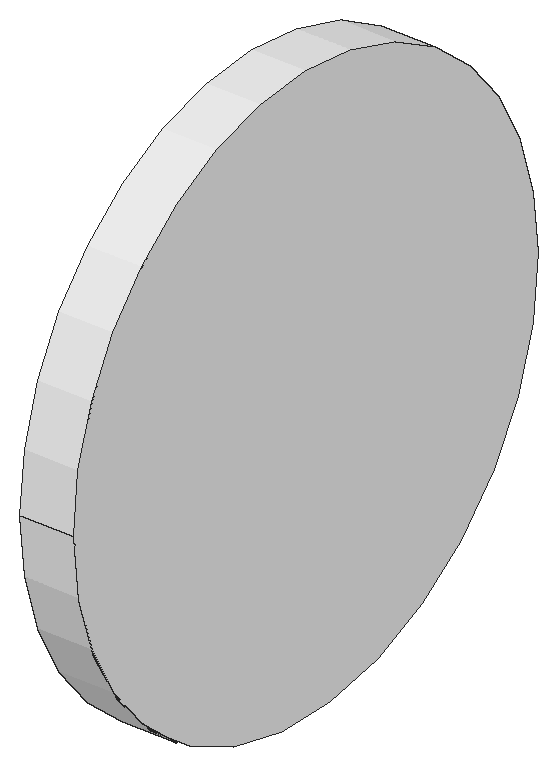
Revit family "Deca_Filtro de mesa_Filtro Cozinha Médio_1162", category Plumbing Fixtures, host Face, Revit 2019
Family settings
  Host = Face
  Round Connector Dimension = Use Radius
  Part Type = Normal
  Cut with Voids When Loaded = No
  Shared = No
  Room Calculation Point = No
Parameters (values of type "1162.C_Cromado")
  Vazão na Pressão mín. (L/min) = "2 l/min"
  Vazão na Pressão máx. (L/min) = "2 l/min"
  URL = "www.deca.com.br"
  Tipo de rosca de saída = "BSP NBR 8133"
  Tipo de rosca de entrada = "BSP NBR 8133"
  Tipo de mecanismo utilizado = "MVC -1/4 volta"
  Tipo de dispositivo economizador = "Não"
  Segmento = "Banheiro Médio"
  Saída de Esgoto = "-"
  Raio Água Fria = 7.5 mm  # constant formula
  Pressão mín. funcionamento = "2 MCA"
  Pressão mín. Aquec. Passagem = "-"
  Pressão mín. Aquec. Acúmulo = "-"
  Pressão máx. funcionamento = "40 MCA"
  Peso Líquido (Kg) = 1.491
  Norma = "NBR16098"
  Model = "1162.C"
  Material = Deca_Cromado
  Manufacturer = "Deca"
  Linha = "Filtro Cozinha Médio"
  Itens de Instalação = "-"
  Informações Complementares = "-"
  Diâmetro Água Fria = Raio Água Fria * 2  # 15 mm
  Description = "Filtro de mesa"
  Default Elevation = 0 mm
  Código Pai = "1162"
  Criado por = "quattroD"
  Cores Componente = "-"
  Cor Secundária = "-"
  Cor Principal = "Cromado"
  Cor Interna = "-"
  Consumo = "-"
  Composição Componente = "-"
  Composição Básica = "Liga de Cobre (bronze e latão),Plásticos de Engenharia,Elastômeros"
  Composição Assento = "-"
  Composição Anel Vedação = "-"
  Categoria = "FILTROS"
  CWFU = 0
  Atendimento ao Cliente = "0800-0117073"
  Assembly Code = ""
  Aprovado por = "quattroD"
  Acompanha o Produto = "-"
Reference planes
  plane 1 "Center (Front/Back)": y = -110
  plane 2: z = 0
  plane 3 "Center (Left/Right)": x = 0
  plane 4 "Left 1": x = -23.982
  plane 5 "Back 1": y = -86.008
  plane 6 "Front  1": y = -134
  plane 7 "Right 1": x = 24
  plane 8 "Right 2": x = 56
  plane 9 "Front  2": y = -206
  plane 10 "Top 1": z = 292.35
Forms (mm)
  Extrusion 1, solid, material "Deca_Cromado"
    sketch origin (0, 0, 0) x (0, 1, 0) y (0, 0, 1)
      loop
        circle (-110, 43) r 17
    from 52.184 to 55.335
Lines and regions (mm)
  Masking region 1
    outline origin (0, 0, 0) x (1, 0, 0) y (0, 1, 0)
      loop
        arc (16.941, -93) -> (-20.451, -97.44) -> (-7.5, -132.798) r 24
        line (-7.5, -132.798) -> (-7.5, -198.5)
        arc (-7.5, -198.5) -> (-5.303, -203.803) -> (0, -206) r 7.5
        arc (0, -206) -> (5.303, -203.803) -> (7.5, -198.5) r 7.5
        line (7.5, -198.5) -> (7.5, -132.798)
        arc (7.5, -132.798) -> (12.56, -130.451) -> (16.941, -127) r 24
        line (16.941, -127) -> (32.8, -127) -> (32.8, -122.5) -> (34.8, -122.5) -> (34.8, -127) -> (55.759, -127)
        arc (55.759, -127) -> (55.94, -118.501) -> (56, -110) r 600.004
        arc (56, -110) -> (55.94, -101.499) -> (55.759, -93) r 600.004
        line (55.759, -93) -> (34.8, -93) -> (34.8, -97.5) -> (32.8, -97.5) -> (32.8, -93) -> (16.941, -93)
  Masking region 2
    outline origin (0, -110, 0) x (1, 0, 0) y (0, 0, 1)
      loop
        arc (55.759, 26) -> (55.94, 34.499) -> (56, 43) r 600.004
        arc (56, 43) -> (55.94, 51.501) -> (55.759, 60) r 600.004
        line (55.759, 60) -> (49.45, 60) -> (49.45, 76.48) -> (41.35, 76.48) -> (41.353, 60) -> (34.8, 60) -> (34.8, 55.5) -> (32.8, 55.5) -> (32.8, 60) -> (19, 60)
        arc (19, 60) -> (17.584, 60.587) -> (17, 61.997) r 2
        line (17, 61.997) -> (17, 66.7) -> (13.074, 66.7) -> (13.074, 67.505) -> (17, 67.505) -> (17, 245.9) -> (16.109, 245.9) -> (16.109, 246.9) -> (17.2, 246.9) -> (17.2, 271.7) -> (15.602, 271.7) -> (15.602, 272.485) -> (17, 272.485) -> (17, 291.35)
        arc (17, 291.35) -> (16.707, 292.057) -> (16, 292.35) r 1
        line (16, 292.35) -> (0, 292.35) -> (-16, 292.35)
        arc (-16, 292.35) -> (-16.707, 292.057) -> (-17, 291.35) r 1
        line (-17, 291.35) -> (-17, 272.485) -> (-15.602, 272.485) -> (-15.602, 271.7) -> (-17.2, 271.7) -> (-17.2, 246.9) -> (-16.109, 246.9) -> (-16.109, 245.9) -> (-17, 245.9) -> (-17, 67.505) -> (-13.074, 67.505) -> (-13.074, 66.7) -> (-17.607, 66.7) -> (-17.607, 6) -> (-24, 6) -> (-24, 0) -> (24, 0) -> (24, 6) -> (17, 6) -> (17, 24.003)
        arc (17, 24.003) -> (17.584, 25.413) -> (18.993, 26) r 2
        line (18.993, 26) -> (32.8, 26) -> (32.8, 30.5) -> (34.8, 30.5) -> (34.8, 26) -> (55.759, 26)
  Masking region 3
    outline origin (0, 0, 0) x (0, 1, 0) y (0, 0, 1)
      loop
        line (-134, 6) -> (-134, 0) -> (-86.008, 0) -> (-86.008, 6) -> (-93, 6) -> (-93, 66.668) -> (-96.901, 66.668) -> (-96.901, 67.45) -> (-93, 67.45) -> (-93, 245.9) -> (-93.846, 245.9) -> (-93.846, 246.9) -> (-92.8, 246.9) -> (-92.8, 271.7) -> (-94.415, 271.7) -> (-94.415, 272.523) -> (-93, 272.523) -> (-93, 291.35)
        arc (-93, 291.35) -> (-93.293, 292.057) -> (-94, 292.35) r 1
        line (-94, 292.35) -> (-205, 292.35)
        arc (-205, 292.35) -> (-205.707, 292.057) -> (-206, 291.35) r 1
        line (-206, 291.35) -> (-206, 284.873)
        arc (-206, 284.873) -> (-205.737, 284.197) -> (-205.087, 283.876) r 1
        line (-205.087, 283.876) -> (-199.766, 283.411) -> (-200.081, 279.817) -> (-195.349, 279.403) -> (-190.617, 278.989) -> (-190.302, 282.586) -> (-187.64, 282.354) -> (-130.561, 282.35) -> (-128, 282.35)
        arc (-128, 282.35) -> (-127.293, 282.057) -> (-127, 281.35) r 1
        line (-127, 281.35) -> (-127, 272.523) -> (-125.585, 272.523) -> (-125.585, 271.7) -> (-127.2, 271.7) -> (-127.2, 246.9) -> (-126.154, 246.9) -> (-126.154, 245.9) -> (-127, 245.9) -> (-127, 67.45) -> (-123.099, 67.45) -> (-123.099, 66.668) -> (-127, 66.668) -> (-127, 6) -> (-134, 6)
  symbolic lines
    curve 1: circle (45.4, -110, 0) r 4.05 normal (0, 0, 1)
    curve 2: arc (10.37, -122.184, 0) -> (0, -94, 0) -> (-10.371, -122.184, 0) r 16
    curve 3: arc (10.37, -122.184, 0) -> (7.514, -125.947, 0) -> (6.5, -130.561, 0) r 11
    curve 4: arc (-6.5, -130.561, 0) -> (-7.515, -125.947, 0) -> (-10.371, -122.184, 0) r 11
    curve 5: line (-6.5, -198.5, 0) -> (-6.5, -130.561, 0)
    curve 6: line (6.5, -198.5, 0) -> (6.5, -130.561, 0)
    curve 7: arc (0, -205, 0) -> (4.596, -203.096, 0) -> (6.5, -198.5, 0) r 6.5
    curve 8: arc (-6.5, -198.5, 0) -> (-4.596, -203.096, 0) -> (0, -205, 0) r 6.5
    curve 9: arc (9.892, -124.071, 0) -> (0, -92.8, 0) -> (-9.893, -124.071, 0) r 17.2
    curve 10: arc (-7.5, -130.561, 0) -> (-8.422, -126.366, 0) -> (-11.019, -122.946, 0) r 10
    curve 11: line (-7.5, -130.561, 0) -> (-7.5, -132.798, 0)
    curve 12: line (7.5, -132.798, 0) -> (7.5, -130.561, 0)
    curve 13: arc (9.892, -124.071, 0) -> (8.117, -127.102, 0) -> (7.5, -130.561, 0) r 10
    curve 14: arc (2.615, -93, 0) -> (18.873, -106.191, 0) -> (9.314, -124.817, 0) r 16.614
    curve 15: line (0, -110, 43) -> (19, -110, 60)
    curve 16: line (0.013, -110, 42.989) -> (0.33, -110, 42.634)
    curve 17: line (0, -110, 43) -> (17, -110, 62)
    curve 18: line (0, -110, 43) -> (19, -110, 26)
    curve 19: line (17, -110, 24) -> (0, -110, 43)
    curve 20: line (13.074, -110, 66.7) -> (-13.074, -110, 66.7)
    curve 21: line (13.074, -110, 67.505) -> (-13.074, -110, 67.505)
    curve 22: arc (49.45, -110, 60) -> (45.402, -110, 59.403) -> (41.353, -110, 60) r 14.033
    curve 23: line (17.2, -110, 271.7) -> (-17.2, -110, 271.7)
    curve 24: line (16.109, -110, 245.9) -> (-16.109, -110, 245.9)
    curve 25: line (-16.109, -110, 246.9) -> (16.109, -110, 246.9)
    curve 26: line (4.75, -110, 279.403) -> (4.75, -110, 282.997)
    curve 27: line (-4.75, -110, 282.997) -> (-4.75, -110, 279.403)
    curve 28: line (-4.75, -110, 281.35) -> (-8.256, -110, 281.35)
    curve 29: line (8.256, -110, 281.35) -> (4.75, -110, 281.35)
    curve 30: line (11.019, -110, 291.35) -> (11.019, -110, 282.35)
    curve 31: line (17, -110, 291.35) -> (11.019, -110, 291.35)
    curve 32: line (-11.019, -110, 291.35) -> (-17, -110, 291.35)
    curve 33: line (-11.019, -110, 291.35) -> (-7.5, -110, 291.35)
    curve 34: line (0, -110, 291.35) -> (-7.5, -110, 291.35)
    curve 35: line (7.5, -110, 291.35) -> (0, -110, 291.35)
    curve 36: line (7.5, -110, 291.35) -> (11.019, -110, 291.35)
    curve 37: line (-11.019, -110, 282.35) -> (-11.019, -110, 291.35)
    curve 38: arc (-11.019, -110, 282.35) -> (-9.725, -110, 281.608) -> (-8.256, -110, 281.35) r 4.316
    curve 39: arc (11.019, -110, 282.35) -> (9.725, -110, 281.608) -> (8.256, -110, 281.35) r 4.316
    curve 40: spline (4.75, -110, 279.403) -> (4.588, -110, 279.273) -> (4.114, -110, 279.153) -> (3.359, -110, 279.049) -> (2.375, -110, 278.97) -> (1.229, -110, 278.92) -> (0, -110, 278.903) -> (-1.229, -110, 278.92) -> (-2.375, -110, 278.97) -> (-3.359, -110, 279.049) -> (-4.114, -110, 279.153) -> (-4.588, -110, 279.273) -> (-4.75, -110, 279.403) -> (-4.588, -110, 279.532) -> (-4.114, -110, 279.653) -> (-3.359, -110, 279.756) -> (-2.375, -110, 279.836) -> (-1.229, -110, 279.886) -> (0, -110, 279.903) -> (1.229, -110, 279.886) -> (2.375, -110, 279.836) -> (3.359, -110, 279.756) -> (4.114, -110, 279.653) -> (4.588, -110, 279.532) -> (4.75, -110, 279.403)
    curve 41: arc (-4.75, -110, 282.997) -> (0, -110, 283.417) -> (4.75, -110, 282.997) r 27.053
    curve 42: line (-15.602, -110, 272.485) -> (15.602, -110, 272.485)
    curve 43: line (0, -190.302, 282.586) -> (0, -199.766, 283.411)
    curve 44: line (0, -94.415, 272.523) -> (0, -125.585, 272.523)
    curve 45: line (0, -125.585, 271.7) -> (0, -94.415, 271.7)
    curve 46: line (0, -126.25, 245.9) -> (0, -93.75, 245.9)
    curve 47: line (0, -93.75, 246.9) -> (0, -126.25, 246.9)
    curve 48: line (0, -123.099, 66.668) -> (0, -96.901, 66.668)
    curve 49: line (0, -96.901, 67.45) -> (0, -123.099, 67.45)
    curve 50: line (0, -127, 6) -> (0, -93, 6)
    curve 51: line (0, -206, 291.35) -> (0, -93, 291.35)
    curve 52: line (0, -127, 281.35) -> (0, -124.861, 281.35)
    curve 53: line (0, -124.861, 281.35) -> (0, -122.946, 282.243)
    curve 54: line (0, -122.946, 282.243) -> (0, -126.154, 283.411)
    curve 55: line (0, -126.154, 283.411) -> (0, -187.599, 283.411)
    curve 56: line (0, -187.599, 283.411) -> (0, -206.01, 284.873)
    curve 57: line (0, -122.946, 282.243) -> (0, -122.946, 291.35)
    curve 58: arc (-11.019, -110, 291.35) -> (-10.781, -110, 292.003) -> (-10.179, -110, 292.35) r 1.015
    curve 59: arc (-11.019, -110, 282.35) -> (-9.925, -110, 282.591) -> (-8.915, -110, 283.074) r 4.894
    curve 60: arc (-8.915, -110, 283.074) -> (-8.232, -110, 283.337) -> (-7.5, -110, 283.324) r 1.908
    curve 61: line (-7.5, -110, 283.324) -> (-7.5, -110, 291.35)
    curve 62: arc (-7.5, -110, 291.35) -> (-7.207, -110, 292.057) -> (-6.5, -110, 292.35) r 1
    curve 63: arc (-7.5, -110, 284.304) -> (-0.001, -110, 284.917) -> (7.5, -110, 284.32) r 46.759
    curve 64: arc (-7.5, -110, 283.324) -> (-7.218, -110, 282.639) -> (-6.536, -110, 282.35) r 0.974
    curve 65: arc (-11.019, -110, 282.35) -> (-8.777, -110, 282.128) -> (-6.536, -110, 282.35) r 11.411
    curve 66: line (-6.536, -110, 282.35) -> (-4.75, -110, 282.35)
    curve 67: arc (11.019, -110, 282.35) -> (9.925, -110, 282.591) -> (8.915, -110, 283.074) r 4.894
    curve 68: arc (8.915, -110, 283.074) -> (8.232, -110, 283.337) -> (7.5, -110, 283.324) r 1.908
    curve 69: line (7.5, -110, 283.324) -> (7.5, -110, 291.35)
    curve 70: arc (7.5, -110, 291.35) -> (7.207, -110, 292.057) -> (6.5, -110, 292.35) r 1
    curve 71: arc (7.5, -110, 283.324) -> (7.218, -110, 282.639) -> (6.536, -110, 282.35) r 0.974
    curve 72: arc (11.019, -110, 282.35) -> (8.777, -110, 282.128) -> (6.536, -110, 282.35) r 11.411
    curve 73: line (6.536, -110, 282.35) -> (4.75, -110, 282.35)
    curve 74: arc (16.941, -93, 0) -> (-20.451, -97.44, 0) -> (-7.5, -132.798, 0) r 24
    curve 75: line (-7.809, -130.687, 0) -> (-7.809, -198.626, 0)
    curve 76: line (-6.5, -198.5, 0) -> (-6.5, -130.561, 0)
    curve 77: arc (0, -206, 0) -> (5.303, -203.803, 0) -> (7.5, -198.5, 0) r 7.5
    curve 78: arc (-7.5, -198.5, 0) -> (-5.303, -203.803, 0) -> (0, -206, 0) r 7.5
    curve 79: arc (0, -205, 0) -> (4.596, -203.096, 0) -> (6.5, -198.5, 0) r 6.5
    curve 80: arc (-6.5, -198.5, 0) -> (-4.596, -203.096, 0) -> (0, -205, 0) r 6.5
    curve 81: line (6.5, -198.5, 0) -> (6.5, -130.561, 0)
    curve 82: line (7.191, -198.626, 0) -> (7.191, -130.687, 0)
    curve 83: arc (17, -110, 0) -> (-7.13, -94.568, 0) -> (-11.019, -122.946, 0) r 17
    curve 84: arc (10.37, -122.184, 0) -> (0, -94, 0) -> (-10.37, -122.184, 0) r 16
    curve 85: arc (-7.5, -130.561, 0) -> (-8.422, -126.366, 0) -> (-11.019, -122.946, 0) r 10
    curve 86: arc (-6.5, -130.561, 0) -> (-7.514, -125.947, 0) -> (-10.37, -122.184, 0) r 11
    curve 87: arc (10.37, -122.184, 0) -> (7.514, -125.947, 0) -> (6.5, -130.561, 0) r 11
    curve 88: arc (11.019, -122.946, 0) -> (8.422, -126.366, 0) -> (7.5, -130.561, 0) r 10
    curve 89: arc (7.5, -132.798, 0) -> (12.56, -130.451, 0) -> (16.941, -127, 0) r 24
    curve 90: line (-7.5, -130.561, 0) -> (-7.5, -198.5, 0)
    curve 91: line (7.5, -130.561, 0) -> (7.5, -198.5, 0)
    curve 92: line (8.156, -127, 0) -> (32.8, -127, 0)
    curve 93: arc (11.019, -122.946, 0) -> (15.432, -117.13, 0) -> (17, -110, 0) r 17
    curve 94: line (11.12, -123.784, 0) -> (9.314, -124.817, 0)
    curve 95: line (19, -110.002, 0) -> (18.918, -111.582, 0)
    curve 96: line (32.8, -93, 0) -> (2.615, -93, 0)
    curve 97: line (34.8, -97.5, 0) -> (32.8, -97.5, 0)
    curve 98: line (32.491, -127.126, 0) -> (32.491, -93.126, 0)
    curve 99: line (32.8, -127, 0) -> (32.8, -93, 0)
    curve 100: line (34.491, -93.126, 0) -> (34.491, -127.126, 0)
    curve 101: line (34.8, -93, 0) -> (34.8, -127, 0)
    curve 102: line (55.759, -93, 0) -> (34.8, -93, 0)
    curve 103: circle (45.4, -110, 0) r 4.05 normal (0, 0, 1)
    curve 104: line (34.8, -127, 0) -> (55.759, -127, 0)
    curve 105: line (55.759, -93, 0) -> (55.759, -127, 0)
    curve 106: arc (18.918, -111.582, 0) -> (16.63, -118.713, 0) -> (11.12, -123.784, 0) r 14.662
    curve 107: arc (19, -110.002, 0) -> (14.421, -98.019, 0) -> (2.615, -93, 0) r 16.396
    curve 108: line (0, -94, 292.35) -> (0, -205, 292.35)
    curve 109: line (0, -205.213, 283.876) -> (0, -187.766, 282.35)
    curve 110: line (0, -198.5, 291.35) -> (0, -198.5, 284.304)
    curve 111: line (0, -200.081, 279.806) -> (0, -199.766, 283.411)
    curve 112: line (0, -190.302, 282.586) -> (0, -190.617, 278.978)
    curve 113: line (0, -200.081, 279.806) -> (0, -190.617, 278.978)
    curve 114: line (0, -206, 291.35) -> (0, -198.5, 291.35)
    curve 115: line (0, -198.5, 284.304) -> (0, -206.01, 284.873)
    curve 116: line (0, -130.56, 291.35) -> (0, -198.5, 291.35)
    curve 117: line (0, -198.5, 284.304) -> (0, -187.596, 283.35)
    curve 118: arc (0, -205, 292.35) -> (0, -205.707, 292.057) -> (0, -206, 291.35) r 1
    curve 119: arc (0, -206, 284.873) -> (0, -205.737, 284.197) -> (0, -205.087, 283.876) r 1
    curve 120: line (0, -206, 291.35) -> (0, -206, 284.873)
    curve 121: line (0, -187.596, 283.35) -> (0, -130.56, 283.35)
    curve 122: line (0, -187.766, 282.35) -> (0, -126.581, 282.35)
    curve 123: line (0, -130.56, 283.35) -> (0, -130.56, 291.35)
    curve 124: line (0, -130.56, 291.35) -> (0, -122.945, 291.35)
    curve 125: line (0, -122.945, 282.35) -> (0, -122.945, 291.35)
    curve 126: line (0, -126.828, 283.35) -> (0, -130.56, 283.35)
    curve 127: arc (0, -127, 281.35) -> (0, -127.292, 282.057) -> (0, -128, 282.35) r 1
    curve 128: line (0, -127, 272.35) -> (0, -127, 281.35)
    curve 129: line (0, -127, 281.35) -> (0, -124.861, 281.35)
    curve 130: arc (0, -124.861, 281.35) -> (0, -123.78, 281.615) -> (0, -122.945, 282.35) r 2.334
    curve 131: line (0, -126.828, 283.35) -> (0, -122.946, 282.243)
    curve 132: line (0, -122.945, 291.35) -> (0, -93, 291.35)
    curve 133: arc (0, -93, 291.35) -> (0, -93.292, 292.057) -> (0, -94, 292.35) r 1
    curve 134: line (0, -93, 291.35) -> (0, -93, 272.35)
    curve 135: line (0, -127, 272.35) -> (0, -93, 272.35)
    curve 136: line (0, -92.8, 271.7) -> (0, -127.2, 271.7)
    curve 137: line (0, -127.2, 246.9) -> (0, -127.2, 271.7)
    curve 138: line (0, -92.8, 271.7) -> (0, -92.8, 246.9)
    curve 139: line (0, -127.2, 246.9) -> (0, -92.8, 246.9)
    curve 140: line (0, -93.126, 245.9) -> (0, -127, 245.9)
    curve 141: line (0, -127, 67.2) -> (0, -127, 245.9)
    curve 142: line (0, -126.25, 245.9) -> (0, -126.25, 246.9)
    curve 143: line (0, -127.326, 246.9) -> (0, -92.926, 246.9)
    curve 144: line (0, -93.75, 246.9) -> (0, -93.75, 245.9)
    curve 145: line (0, -93, 245.9) -> (0, -93, 67.45)
    curve 146: line (0, -127, 6) -> (0, -127, 43.126)
    curve 147: line (0, -127, 43.126) -> (0, -127, 66.7)
    curve 148: line (0, -114.05, 76.48) -> (0, -114.05, 59.511)
    curve 149: line (0, -105.95, 59.51) -> (0, -105.95, 76.48)
    curve 150: line (0, -114.05, 67.45) -> (0, -127, 67.45)
    curve 151: line (0, -127, 66.7) -> (0, -114.11, 66.7)
    curve 152: line (0, -105.95, 67.45) -> (0, -93, 67.45)
    curve 153: line (0, -105.95, 66.668) -> (0, -93, 66.668)
    curve 154: line (0, -93, 66.668) -> (0, -93, 43)
    curve 155: arc (0, -93, 43) -> (0, -109.937, 60) -> (0, -127, 43.126) r 17
    curve 156: arc (0, -127, 43) -> (0, -110, 26) -> (0, -93, 43) r 17
    curve 157: line (0, -93, 43) -> (0, -93, 6)
    curve 158: line (0, -86.008, 6) -> (0, -134.126, 6)
    curve 159: line (0, -134.126, 6) -> (0, -134.126, 0)
    curve 160: line (0, -134.126, 0) -> (0, -86.008, 0)
    curve 161: line (0, -86.008, 0) -> (0, -86.008, 6)
    curve 162: line (0, -106.076, 76.48) -> (0, -114.176, 76.48)
    curve 163: line (-17, -110, 291.35) -> (-17, -110, 272.35)
    curve 164: line (-17.2, -110, 271.7) -> (-17.2, -110, 246.9)
    curve 165: line (17.2, -110, 246.9) -> (17.2, -110, 271.7)
    curve 166: line (16.891, -110, 271.7) -> (-17.509, -110, 271.7)
    curve 167: line (-17.509, -110, 246.9) -> (16.891, -110, 246.9)
    curve 168: line (-17.509, -110, 246.9) -> (16.891, -110, 246.9)
    curve 169: line (16.691, -110, 245.9) -> (-17.309, -110, 245.9)
    curve 170: line (-17, -110, 245.9) -> (-17, -110, 67.2)
    curve 171: line (17, -110, 67.2) -> (17, -110, 245.9)
    curve 172: line (17, -110, 67.2) -> (17, -110, 245.9)
    curve 173: line (15.691, -110, 292.35) -> (-16.309, -110, 292.35)
    curve 174: arc (-16, -110, 292.35) -> (-16.707, -110, 292.057) -> (-17, -110, 291.35) r 1
    curve 175: arc (17, -110, 291.35) -> (16.707, -110, 292.057) -> (16, -110, 292.35) r 1
    curve 176: line (17, -110, 272.35) -> (17, -110, 291.35)
    curve 177: line (-17.309, -110, 272.35) -> (16.691, -110, 272.35)
    curve 178: line (-17, -110, 66.7) -> (-17, -110, 6)
    curve 179: line (-17.309, -110, 67.2) -> (16.691, -110, 67.2)
    curve 180: line (17, -110, 62) -> (17, -110, 66.7)
    curve 181: line (16.691, -110, 66.7) -> (-17.309, -110, 66.7)
    curve 182: arc (17, -110, 61.993) -> (17.588, -110, 60.583) -> (19, -110, 60) r 2
    curve 183: line (32.8, -110, 60) -> (19, -110, 60)
    curve 184: line (32.8, -110, 43) -> (32.8, -110, 60)
    curve 185: line (34.8, -110, 60) -> (34.8, -110, 43)
    curve 186: line (34.8, -110, 55.5) -> (32.8, -110, 55.5)
    curve 187: line (41.353, -110, 60) -> (34.8, -110, 60)
    curve 188: line (49.45, -110, 60) -> (49.45, -110, 76.48)
    curve 189: line (41.35, -110, 76.48) -> (41.35, -110, 60)
    curve 190: line (55.759, -110, 60) -> (49.45, -110, 60)
    curve 191: line (34.8, -110, 26) -> (55.759, -110, 26)
    curve 192: line (19, -110, 26) -> (32.8, -110, 26)
    curve 193: line (32.8, -110, 26) -> (32.8, -110, 43)
    curve 194: line (34.8, -110, 43) -> (34.8, -110, 26)
    curve 195: line (32.8, -110, 30.5) -> (34.8, -110, 30.5)
    curve 196: line (17, -110, 6) -> (17, -110, 24)
    curve 197: arc (18.993, -110, 26) -> (17.586, -110, 25.414) -> (17, -110, 24.007) r 2
    curve 198: line (-23.982, -110, 6) -> (-23.982, -110, 0)
    curve 199: line (-23.982, -110, 6) -> (24, -110, 6)
    curve 200: line (24, -110, 6) -> (24, -110, 0)
    curve 201: line (-23.982, -110, 0) -> (24, -110, 0)
    curve 202: line (49.141, -110, 76.48) -> (41.041, -110, 76.48)
Dimensions and locks
  aligned and locked: host face to plane 2
  aligned and locked: level to host face
Connectors
  piping at (-0.309, -110.126, 0), diameter 15, driven by "Raio Água Fria"
    settings: on free form element, index 1, connector inside diameter 24", connector length 0 mm, flow factor 0, pipe flow 0 GPM, pressure drop 0.00 psi, fitting loss kfactor 0, connector angle 0.00°, fixture units 0, engagement length 0 mm, angle of deflection 0.00°, flow configuration 3, flow direction 1, fitting loss method 4, system type 20, joint type 0, gender type 0, connector reference index -1, connector utility 0, adjustable connector no, is connector primary yes, connector description ""
